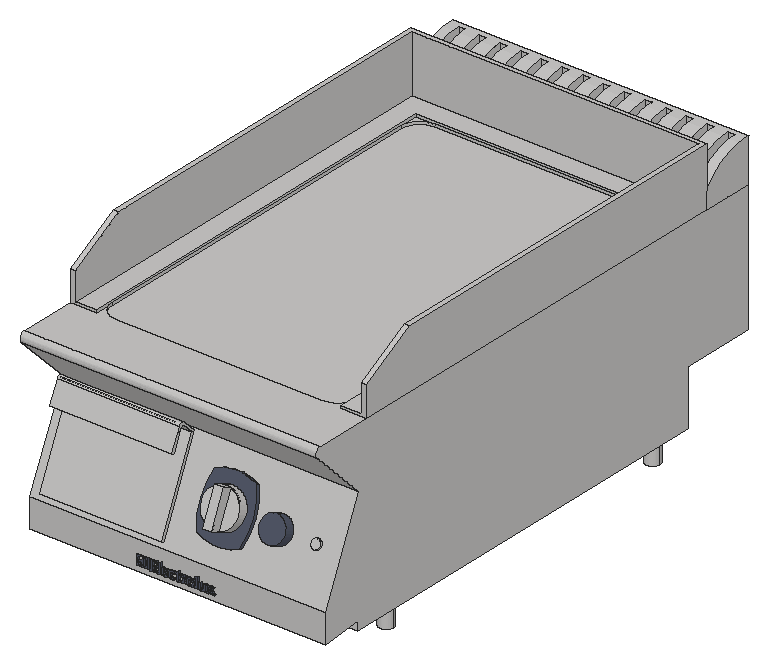
Revit family "QF_ELECTROLUXPROFESSIONAL_371412_E7IILTAOMCI", category Attrezzature speciali, Revit 2018
Family settings
  Quota connettore circolare = Usa diametro
  Tipo di parte = Normale
  Basato su piano di lavoro = No
  Sempre verticale = Sì
  Taglio con vuoti quando caricato = No
  Condiviso = No
  Punto di calcolo locali = No
Parameters (values of type "Standard")
  Weight = 40.00 kg
  Watts = 0 W
  Volts = 0 V
  URL Manufacturer = "https://www.electroluxprofessional.com/"
  URL = "https://www.electroluxprofessional.com/"
  Steam Supply Size = 0"
  Steam Supply Minimum Pressure = 0.00 psi
  Steam Supply Maximum Pressure = 0.00 psi
  Steam Consumption per Hour = 0
  Show Logo [instance] = yes
  Show Clearance [instance] = yes
  Refrigeration Suction Line Size = 0 mm
  Refrigeration Liquid Line Size = 0 mm
  Refrigerant Compressor Remote = yes
  Phase = 0
  Modello = "E7IILTAOMCI"
  Produttore = "Electrolux Professional"
  Length Actual = 400 mm  # constant formula
  Item Number = "371412"
  Hot Water Size = 0"
  Height Actual = 250 mm  # constant formula
  HP = "0 HP"
  Gas Size = 1/2"
  Gas KW = 7
  Gas Input Pressure = 0.234579 Btu/h
  Direct Waste Size = 0"
  Descrizione = "GAS FRY TOP-RIBBED PLATE 400MM-BRUSHED CHROME - QMARK"
  Depth Actual = 730 mm  # constant formula
  Cycle = 0 Hz
  Condensate Return Size = 0"
  Compressed Air Volume = 0 GPM
  Compressed Air Size = 0"
  Compressed Air Pressure = 0.00 psi
  Cold Water Size = 0"
  Base Height [instance] = 23.813 mm  # constant formula
  Assembly Code = ""
  Accessory = yes
Values of the unnamed type that differ from the named types
  Weight = 0.00 kg
  URL Manufacturer = ""
  Item Number = ""
  HP = ""
  Gas KW = 0
  Gas Input Pressure = 0.0 Btu/h
Reference planes
  plane 1 "BACK": y = 0
  plane 2: z = 0
  plane 3 "LEFT": x = 0
  plane 4 "RIGHT": x = 400.05
  plane 5 "FRONT": y = -730.25
  plane 6 "TOP": z = 288.925
  plane 7 "Center Y": x = 200.025
  plane 8 "Center X": y = -365.125
  plane 9 "BASE": z = 23.813
  plane 10 "TOP A": z = 274.638
  plane 11: y = -597.884
  plane 12: y = -147.637
  plane 13: z = 355.005
Forms (mm)
  Extrusion 1, solid, material "QF_Finishes_Stainless Steel"
    sketch origin (0, 0, 0) x (0, 1, 0) y (0, 0, 1)
      loop
        line (0, 274.638) -> (-722.884, 274.638)
        arc (-722.884, 274.638) -> (-729.666, 270.106) -> (-728.075, 262.105) r 7.341
        line (-728.075, 262.105) -> (-657.416, 191.447) -> (-713.772, 69.003) -> (-713.772, 30.903) -> (-660.4, 36.513) -> (-660.4, 23.812) -> (-101.6, 23.812) -> (-101.6, 98.425) -> (0, 98.425) -> (0, 274.638)
    from 0 to 400.05
  Extrusion 2, void
    sketch origin (0, -2.381, 274.638) x (-1, 0, 0) y (0, -1, 0)
      loop
        arc (-60.425, 102.504) -> (-42.464, 109.943) -> (-35.025, 127.904) r 25.4
        line (-35.025, 127.904) -> (-35.025, 617.104)
        arc (-35.025, 617.104) -> (-42.464, 635.064) -> (-60.425, 642.504) r 25.4
        line (-60.425, 642.504) -> (-339.625, 642.504)
        arc (-339.625, 642.504) -> (-357.586, 635.064) -> (-365.025, 617.104) r 25.4
        line (-365.025, 617.104) -> (-365.025, 127.904)
        arc (-365.025, 127.904) -> (-357.586, 109.943) -> (-339.625, 102.504) r 25.4
        line (-339.625, 102.504) -> (-60.425, 102.504)
    from 0 to -3.2
  Extrusion 3, solid, material "QF_Finishes_Stainless Steel"
    sketch origin (0, 0, 0) x (1, 0, 0) y (0, 1, 0)
      loop
        circle (11.112, -147.638) r 9.525
      loop
        circle (11.112, -597.884) r 9.525
      loop
        circle (388.937, -147.638) r 9.525
      loop
        circle (388.937, -597.884) r 9.525
    from 0 to 23.813
  Extrusion 4, solid, material "QF_Finishes_Navy Blue", visible <- "Show Logo"
    sketch origin (-141.676, -713.772, 30.903) x (0, 0, 1) y (-1, 0, 0)
      loop
        line (20.674, -296.698) -> (8.307, -296.698)
        arc (8.307, -296.698) -> (14.491, -301.27) -> (20.674, -296.698) r 6.467
      loop
        arc (20.674, -296.069) -> (19.505, -290.926) -> (14.849, -288.448) r 6.338
        line (14.849, -288.448) -> (14.849, -290.494)
        arc (14.849, -290.494) -> (16.333, -294.149) -> (19.778, -296.069) r 5.941
        line (19.778, -296.069) -> (20.674, -296.069)
      loop
        arc (9.203, -296.069) -> (12.648, -294.149) -> (14.132, -290.494) r 5.941
        line (14.132, -290.494) -> (14.132, -288.448)
        arc (14.132, -288.448) -> (9.438, -290.922) -> (8.148, -296.069) r 6.504
        line (8.148, -296.069) -> (9.203, -296.069)
      loop
        line (21.349, -287.979) -> (7.604, -287.979) -> (7.604, -301.742) -> (21.349, -301.742) -> (21.349, -287.979)
      loop
        arc (21.432, -304.71) -> (21.085, -304.352) -> (20.718, -304.69) r 0.358
        arc (20.718, -304.69) -> (20.404, -305.44) -> (19.687, -305.825) r 1.216
        line (19.687, -305.825) -> (9.274, -305.825)
        arc (9.274, -305.825) -> (8.614, -305.548) -> (8.218, -304.951) r 1.238
        arc (8.218, -304.951) -> (7.823, -304.7) -> (7.518, -305.054) r 0.358
        line (7.518, -305.054) -> (7.518, -314.933) -> (10.269, -314.933) -> (10.269, -314.036)
        arc (10.269, -314.036) -> (9.36, -313.456) -> (8.904, -312.479) r 1.928
        line (8.904, -312.479) -> (8.904, -309.98)
        arc (8.904, -309.98) -> (9.18, -309.251) -> (9.868, -308.887) r 1.101
        line (9.868, -308.887) -> (13.955, -308.887) -> (13.955, -312.561)
        arc (13.955, -312.561) -> (13.602, -313.058) -> (13.037, -313.286) r 1.083
        arc (13.037, -313.286) -> (12.773, -313.591) -> (13.065, -313.869) r 0.292
        line (13.065, -313.869) -> (16.028, -313.869)
        arc (16.028, -313.869) -> (16.33, -313.596) -> (16.092, -313.266) r 0.305
        arc (16.092, -313.266) -> (15.601, -313.018) -> (15.296, -312.561) r 1.083
        line (15.296, -312.561) -> (15.296, -308.887) -> (19.973, -308.887) -> (19.973, -312.635)
        arc (19.973, -312.635) -> (19.759, -313.39) -> (19.153, -313.888) r 1.314
        arc (19.153, -313.888) -> (18.934, -314.292) -> (19.288, -314.585) r 0.361
        line (19.288, -314.585) -> (21.432, -314.585) -> (21.432, -304.71)
      loop
        arc (20.715, -315.365) -> (20.335, -316.284) -> (19.416, -316.664) r 1.299
        line (19.416, -316.664) -> (9.837, -316.664)
        arc (9.837, -316.664) -> (8.999, -316.286) -> (8.728, -315.408) r 1.118
        line (8.728, -315.408) -> (7.518, -315.408) -> (7.518, -320.758) -> (8.706, -320.758)
        arc (8.706, -320.758) -> (8.978, -319.841) -> (9.848, -319.445) r 1.153
        line (9.848, -319.445) -> (21.92, -319.445) -> (20.715, -315.365)
      loop
        line (12.483, -323.394) -> (12.483, -329.842) -> (13.282, -329.842)
        arc (13.282, -329.842) -> (15.862, -328.857) -> (17.131, -326.404) r 3.874
        line (17.131, -326.404) -> (17.131, -324.643)
        arc (17.131, -324.643) -> (15.944, -321.778) -> (13.08, -320.592) r 4.051
        line (13.08, -320.592) -> (11.072, -320.592)
        arc (11.072, -320.592) -> (8.253, -322.077) -> (7.202, -325.084) r 4.352
        arc (7.202, -325.084) -> (7.566, -327.547) -> (8.943, -329.621) r 5.713
        line (8.943, -329.621) -> (9.892, -329.621)
        arc (9.892, -329.621) -> (9.16, -328.052) -> (8.943, -326.334) r 5.579
        arc (8.943, -326.334) -> (9.737, -324.371) -> (11.616, -323.394) r 3.057
        line (11.616, -323.394) -> (12.483, -323.394)
      loop
        line (13.742, -323.394) -> (13.742, -326.977)
        arc (13.742, -326.977) -> (15.199, -327.024) -> (16.082, -325.864) r 1.59
        line (16.082, -325.864) -> (16.082, -325.034)
        arc (16.082, -325.034) -> (15.217, -323.779) -> (13.742, -323.394) r 2.184
      loop
        arc (16.533, -339.259) -> (17.022, -337.585) -> (17.179, -335.848) r 9.023
        line (17.179, -335.848) -> (17.179, -334.486)
        arc (17.179, -334.486) -> (16.02, -331.686) -> (13.22, -330.527) r 3.959
        line (13.22, -330.527) -> (10.62, -330.527)
        arc (10.62, -330.527) -> (8.338, -331.819) -> (7.221, -334.192) r 4.331
        line (7.221, -334.192) -> (7.221, -336.327)
        arc (7.221, -336.327) -> (7.729, -337.877) -> (8.651, -339.223) r 5.772
        arc (8.651, -339.223) -> (9.412, -339.274) -> (9.499, -338.515) r 0.553
        arc (9.499, -338.515) -> (9.111, -337.781) -> (8.977, -336.962) r 2.573
        line (8.977, -336.962) -> (8.977, -335.447)
        arc (8.977, -335.447) -> (9.983, -333.806) -> (11.798, -333.163) r 2.884
        line (11.798, -333.163) -> (13.077, -333.163)
        arc (13.077, -333.163) -> (14.898, -333.723) -> (15.824, -335.388) r 2.554
        line (15.824, -335.388) -> (15.824, -336.441)
        arc (15.824, -336.441) -> (15.493, -337.369) -> (14.836, -338.104) r 2.564
        arc (14.836, -338.104) -> (14.614, -338.821) -> (15.223, -339.259) r 0.643
        line (15.223, -339.259) -> (16.533, -339.259)
      loop
        line (15.515, -339.53) -> (15.515, -341.031) -> (9.467, -341.031)
        arc (9.467, -341.031) -> (7.879, -341.688) -> (7.221, -343.276) r 2.246
        line (7.221, -343.276) -> (7.221, -344.86)
        arc (7.221, -344.86) -> (7.535, -345.725) -> (8.035, -346.496) r 4.06
        arc (8.035, -346.496) -> (8.768, -346.629) -> (9.019, -345.928) r 0.576
        arc (9.019, -345.928) -> (8.913, -345.403) -> (8.977, -344.87) r 1.69
        arc (8.977, -344.87) -> (9.519, -344.082) -> (10.425, -343.779) r 1.506
        line (10.425, -343.779) -> (15.563, -343.779) -> (15.563, -346.176) -> (16.119, -346.733) -> (16.941, -346.733) -> (16.941, -343.873) -> (20.172, -343.873) -> (15.515, -339.53)
      loop
        line (7.438, -347.63) -> (7.438, -353.017) -> (8.548, -353.017)
        arc (8.548, -353.017) -> (8.942, -352.066) -> (9.893, -351.672) r 1.345
        line (9.893, -351.672) -> (13.509, -351.672)
        arc (13.509, -351.672) -> (14.274, -352.264) -> (14.564, -353.186) r 1.615
        line (14.564, -353.186) -> (14.564, -354.742) -> (17.119, -355.427) -> (17.119, -354.044) -> (15.177, -351.485) -> (17.057, -351.485) -> (16.773, -348.779)
        arc (16.773, -348.779) -> (16.333, -348.249) -> (15.674, -348.45) r 0.621
        arc (15.674, -348.45) -> (15.274, -348.792) -> (14.78, -348.975) r 1.501
        line (14.78, -348.975) -> (9.893, -348.975)
        arc (9.893, -348.975) -> (8.942, -348.581) -> (8.548, -347.63) r 1.345
        line (8.548, -347.63) -> (7.438, -347.63)
      loop
        line (13.54, -354.964) -> (10.848, -354.964)
        arc (10.848, -354.964) -> (8.403, -356.272) -> (7.269, -358.803) r 4.288
        arc (7.269, -358.803) -> (7.205, -360.183) -> (7.269, -361.563) r 15.022
        arc (7.269, -361.563) -> (8.403, -364.094) -> (10.848, -365.401) r 4.288
        line (10.848, -365.401) -> (13.54, -365.401)
        arc (13.54, -365.401) -> (15.986, -364.094) -> (17.119, -361.563) r 4.288
        arc (17.119, -361.563) -> (17.183, -360.183) -> (17.119, -358.803) r 15.022
        arc (17.119, -358.803) -> (15.986, -356.272) -> (13.54, -354.964) r 4.288
      loop
        line (13.745, -358.078) -> (10.643, -358.078)
        arc (10.643, -358.078) -> (8.486, -360.235) -> (10.643, -362.392) r 2.157
        line (10.643, -362.392) -> (13.745, -362.392)
        arc (13.745, -362.392) -> (15.902, -360.235) -> (13.745, -358.078) r 2.157
      loop
        arc (20.726, -365.26) -> (20.355, -366.154) -> (19.461, -366.524) r 1.264
        line (19.461, -366.524) -> (9.597, -366.524)
        arc (9.597, -366.524) -> (8.727, -366.127) -> (8.455, -365.211) r 1.153
        line (8.455, -365.211) -> (7.518, -365.211) -> (7.518, -370.319) -> (8.446, -370.319)
        arc (8.446, -370.319) -> (8.805, -369.547) -> (9.597, -369.232) r 1.153
        line (9.597, -369.232) -> (21.92, -369.232) -> (20.726, -365.26)
      loop
        arc (15.846, -369.857) -> (15.647, -370.921) -> (14.678, -371.403) r 1.215
        line (14.678, -371.403) -> (9.658, -371.403)
        arc (9.658, -371.403) -> (8.043, -372.051) -> (7.322, -373.634) r 2.338
        line (7.322, -373.634) -> (7.322, -375.148)
        arc (7.322, -375.148) -> (7.497, -376.152) -> (7.999, -377.038) r 2.979
        line (7.999, -377.038) -> (7.518, -378.835) -> (7.518, -380.524) -> (16.943, -380.524) -> (16.649, -376.32) -> (15.863, -376.32)
        arc (15.863, -376.32) -> (15.507, -377.156) -> (14.755, -377.665) r 1.605
        line (14.755, -377.665) -> (9.652, -377.665)
        arc (9.652, -377.665) -> (9.232, -376.728) -> (9.159, -375.704) r 2.94
        arc (9.159, -375.704) -> (9.72, -374.603) -> (10.873, -374.16) r 1.724
        line (10.873, -374.16) -> (17.07, -374.16) -> (15.846, -369.857)
      loop
        line (16.874, -381.377) -> (15.202, -383.423) -> (12.028, -385.729) -> (8.572, -382.617)
        arc (8.572, -382.617) -> (8.335, -382.223) -> (8.357, -381.764) r 0.789
        line (8.357, -381.764) -> (7.518, -381.764) -> (7.518, -385.309) -> (8.344, -385.309)
        arc (8.344, -385.309) -> (8.686, -384.947) -> (9.176, -385.039) r 0.52
        line (9.176, -385.039) -> (10.976, -386.51) -> (8.858, -387.886)
        arc (8.858, -387.886) -> (8.457, -387.576) -> (8.37, -387.076) r 0.7
        line (8.37, -387.076) -> (7.518, -387.076) -> (7.518, -393.003) -> (8.405, -393.003)
        arc (8.405, -393.003) -> (8.472, -392.344) -> (8.866, -391.813) r 1.247
        line (8.866, -391.813) -> (13.066, -388.532) -> (15.513, -390.585) -> (16.874, -392.327) -> (16.874, -388.604) -> (15.389, -389.026) -> (13.868, -387.749) -> (15.568, -386.559) -> (16.874, -387.336) -> (16.874, -381.377)
    from 0 to 1.644
  Extrusion 5, solid, material "QF_Finishes_Stainless Steel"
    sketch origin (0, -101.6, 101.6) x (0, 0, -1) y (-1, 0, 0)
      loop
        circle (43.882, -347.663) r 6.35
    from 0 to 3.175
  Extrusion 6, solid, material "QF_Finishes_Clearance", visible <- "Show Clearance", detail levels coarse
    sketch origin (0, 0, 0) x (1, 0, 0) y (0, 1, 0)
      loop
        line (0, -730.25) -> (0, 0) -> (400.05, 0) -> (400.05, -730.25) -> (550.069, -730.25) -> (550.069, 150.019) -> (-150.019, 150.019) -> (-150.019, -730.25) -> (0, -730.25)
    from 0 to 355.005
  Extrusion 7, solid, material "QF_Finishes_Stainless Steel"
    sketch origin (0, 0, 0) x (0, 1, 0) y (0, 0, 1)
      loop
        line (-658.831, 188.372) -> (-675.238, 204.778)
        arc (-675.238, 204.778) -> (-679.705, 206.181) -> (-683.409, 203.316) r 5.058
        line (-683.409, 203.316) -> (-696.071, 175.806) -> (-693.187, 174.479) -> (-680.525, 201.989)
        arc (-680.525, 201.989) -> (-679.146, 203.055) -> (-677.483, 202.533) r 1.883
        line (-677.483, 202.533) -> (-662.64, 187.69) -> (-713.474, 77.245) -> (-710.589, 75.918) -> (-658.831, 188.372)
    from 12.7 to 177.8
  Extrusion 8, solid, material "QF_Finishes_Drawer Clearance", visible <- "Show Clearance", detail levels coarse
    sketch origin (0, -101.6, 0) x (0, 1, 0) y (0, 0, 1)
      loop
        line (-660.751, 174.479) -> (-648.089, 201.989)
        arc (-648.089, 201.989) -> (-646.71, 203.055) -> (-645.046, 202.533) r 1.883
        line (-645.046, 202.533) -> (-630.204, 187.69) -> (-681.037, 77.245) -> (-678.153, 75.918) -> (-608.989, 75.918) -> (-557.231, 188.372) -> (-573.638, 204.778)
        arc (-573.638, 204.778) -> (-574.873, 205.685) -> (-576.323, 206.181) r 5.058
        line (-576.323, 206.181) -> (-647.269, 206.181)
        arc (-647.269, 206.181) -> (-649.472, 205.203) -> (-650.973, 203.316) r 5.058
        line (-650.973, 203.316) -> (-663.635, 175.806) -> (-660.751, 174.479)
    from 12.7 to 177.8
  Extrusion 9, solid, material "QF_Finishes_Stainless Steel"
    sketch origin (0, 0, 0) x (0, 1, 0) y (0, 0, 1)
      loop
        line (0, 274.638) -> (0, 333.375)
        arc (0, 333.375) -> (-38.879, 324.991) -> (-69.85, 300.038) r 86.156
        line (-69.85, 300.038) -> (-69.85, 274.638) -> (0, 274.638)
    from 0 to 400.05
  Extrusion 10, void
    sketch origin (0, 0, 274.638) x (-1, 0, 0) y (0, -1, 0)
      loop
        line (-13.453, 6.761) -> (-13.453, 63.911) -> (-22.749, 63.911) -> (-22.749, 6.761) -> (-13.453, 6.761)
    from 25.4 to 63.5
  Extrusion 11, void
    sketch origin (400.05, 0, 274.638) x (1, 0, 0) y (0, 1, 0)
      loop
        line (-13.453, -6.761) -> (-22.749, -6.761) -> (-22.749, -63.911) -> (-13.453, -63.911) -> (-13.453, -6.761)
    from 25.4 to 63.5
  Extrusion 12, void
    sketch origin (27.988, 0, 274.638) x (-1, 0, 0) y (0, -1, 0)
      loop
        line (-13.453, 6.761) -> (-13.453, 63.911) -> (-22.749, 63.911) -> (-22.749, 6.761) -> (-13.453, 6.761)
    from 25.4 to 63.5
  Extrusion 13, void
    sketch origin (55.977, 0, 274.638) x (-1, 0, 0) y (0, -1, 0)
      loop
        line (-13.453, 6.761) -> (-13.453, 63.911) -> (-22.749, 63.911) -> (-22.749, 6.761) -> (-13.453, 6.761)
    from 25.4 to 63.5
  Extrusion 14, void
    sketch origin (83.965, 0, 274.638) x (-1, 0, 0) y (0, -1, 0)
      loop
        line (-13.453, 6.761) -> (-13.453, 63.911) -> (-22.749, 63.911) -> (-22.749, 6.761) -> (-13.453, 6.761)
    from 25.4 to 63.5
  Extrusion 15, void
    sketch origin (111.953, 0, 274.638) x (-1, 0, 0) y (0, -1, 0)
      loop
        line (-13.453, 6.761) -> (-13.453, 63.911) -> (-22.749, 63.911) -> (-22.749, 6.761) -> (-13.453, 6.761)
    from 25.4 to 63.5
  Extrusion 16, void
    sketch origin (139.942, 0, 274.638) x (-1, 0, 0) y (0, -1, 0)
      loop
        line (-13.453, 6.761) -> (-13.453, 63.911) -> (-22.749, 63.911) -> (-22.749, 6.761) -> (-13.453, 6.761)
    from 25.4 to 63.5
  Extrusion 17, void
    sketch origin (167.93, 0, 274.638) x (-1, 0, 0) y (0, -1, 0)
      loop
        line (-13.453, 6.761) -> (-13.453, 63.911) -> (-22.749, 63.911) -> (-22.749, 6.761) -> (-13.453, 6.761)
    from 25.4 to 63.5
  Extrusion 18, void
    sketch origin (195.918, 0, 274.638) x (-1, 0, 0) y (0, -1, 0)
      loop
        line (-13.453, 6.761) -> (-13.453, 63.911) -> (-22.749, 63.911) -> (-22.749, 6.761) -> (-13.453, 6.761)
    from 25.4 to 63.5
  Extrusion 19, void
    sketch origin (223.907, 0, 274.638) x (-1, 0, 0) y (0, -1, 0)
      loop
        line (-13.453, 6.761) -> (-13.453, 63.911) -> (-22.749, 63.911) -> (-22.749, 6.761) -> (-13.453, 6.761)
    from 25.4 to 63.5
  Extrusion 20, void
    sketch origin (251.895, 0, 274.638) x (-1, 0, 0) y (0, -1, 0)
      loop
        line (-13.453, 6.761) -> (-13.453, 63.911) -> (-22.749, 63.911) -> (-22.749, 6.761) -> (-13.453, 6.761)
    from 25.4 to 63.5
  Extrusion 21, void
    sketch origin (279.884, 0, 274.638) x (-1, 0, 0) y (0, -1, 0)
      loop
        line (-13.453, 6.761) -> (-13.453, 63.911) -> (-22.749, 63.911) -> (-22.749, 6.761) -> (-13.453, 6.761)
    from 25.4 to 63.5
  Extrusion 22, void
    sketch origin (307.872, 0, 274.638) x (-1, 0, 0) y (0, -1, 0)
      loop
        line (-13.453, 6.761) -> (-13.453, 63.911) -> (-22.749, 63.911) -> (-22.749, 6.761) -> (-13.453, 6.761)
    from 25.4 to 63.5
  Extrusion 23, void
    sketch origin (335.86, 0, 274.638) x (-1, 0, 0) y (0, -1, 0)
      loop
        line (-13.453, 6.761) -> (-13.453, 63.911) -> (-22.749, 63.911) -> (-22.749, 6.761) -> (-13.453, 6.761)
    from 25.4 to 63.5
  Sweep 24, solid, material "QF_Finishes_Stainless Steel"
    path origin (0, -2.381, 274.638) x (-1, 0, 0) y (0, -1, 0)
      loop
        line (-365.025, 642.504) -> (-365.025, 102.504) -> (-35.025, 102.504) -> (-35.025, 642.504)
    profile origin (35.025, -374.885, 274.638) x (1, 0, 0) y (0, 0, 1)
      loop
        line (-35.025, 0) -> (0, 0) -> (0, 3.175) -> (-28.675, 3.175) -> (-28.675, 80.367) -> (-35.025, 80.367) -> (-35.025, 0)
  Extrusion 25, void
    sketch origin (0, -69.86, 274.638) x (0, 1, 0) y (0, 0, 1)
      loop
        line (-575.025, 40.481) -> (-501.995, 80.367) -> (-575.025, 80.367) -> (-575.025, 40.481)
    from 0 to 6.35
  Extrusion 26, void
    sketch origin (400.05, -644.885, 274.638) x (0, -1, 0) y (0, 0, 1)
      loop
        line (0, 40.481) -> (0, 80.367) -> (-73.03, 80.367) -> (0, 40.481)
    from 0 to 6.35
  Extrusion 27, solid, material "QF_Finishes_Navy Blue"
    sketch origin (85.294, -713.772, 69.003) x (0, 0.418102, 0.9084) y (-1, 0, 0)
      loop
        arc (102.623, -132.62) -> (67.041, -124.996) -> (31.333, -132.003) r 90.5
        arc (31.333, -132.003) -> (24.507, -161.19) -> (31.333, -190.378) r 65.817
        arc (31.333, -190.378) -> (67.04, -197.338) -> (102.623, -189.765) r 91.066
        arc (102.623, -189.765) -> (109.179, -161.193) -> (102.623, -132.62) r 65.546
    from 0 to 3.175
  Extrusion 28, solid, material "QF_Finishes_Stainless Steel"
    sketch origin (85.294, -717.485, 68.529) x (0, 0.418102, 0.9084) y (-1, 0, 0)
      loop
        circle (68.826, -160.963) r 25.4
    from 0 to 12.7
  Extrusion 29, solid, material "QF_Finishes_Stainless Steel"
    sketch origin (85.294, -729.022, 73.839) x (0, 0.418102, 0.9084) y (-1, 0, 0)
      loop
        arc (93.558, -166.749) -> (94.226, -160.963) -> (93.558, -155.177) r 25.4
        line (93.558, -155.177) -> (44.094, -155.177)
        arc (44.094, -155.177) -> (43.426, -160.963) -> (44.094, -166.749) r 25.4
        line (44.094, -166.749) -> (93.558, -166.749)
    from 0 to 12.7
  Extrusion 30, solid, material "QF_Finishes_Navy Blue"
    sketch origin (0, -713.772, 69.003) x (0, 0.418102, 0.9084) y (-1, 0, 0)
      loop
        circle (65.471, -315.169) r 17.78
    from 0 to 12.7
  Extrusion 31, solid, material "QF_Finishes_Stainless Steel"
    sketch origin (0, -713.772, 69.003) x (0, 0.418102, 0.9084) y (-1, 0, 0)
      loop
        circle (65.471, -365.969) r 6.35
    from 0 to 1.588
Cuts and joins
  Extrusion 2 cuts Extrusion 1
  Extrusion 10, Extrusion 11, Extrusion 12, Extrusion 13, Extrusion 14, Extrusion 15, Extrusion 16, Extrusion 17, Extrusion 18, Extrusion 19, Extrusion 20, Extrusion 21, Extrusion 22, Extrusion 23 cuts Extrusion 9
  Extrusion 25, Extrusion 26 cuts Sweep 24
Lines and regions (mm)
  symbolic lines, style "QF-Clearances", visible <- "Show Clearance", detail levels coarse
    curve 1: line (-150.019, 150.019, 274.638) -> (-150.019, -730.25, 274.638)
    curve 2: line (550.069, 150.019, 274.638) -> (-150.019, 150.019, 274.638)
    curve 3: line (550.069, -730.25, 274.638) -> (550.069, 150.019, 274.638)
  symbolic lines
    curve 4: line (0, 0, 274.638) -> (400.05, 0, 274.638)
    curve 5: line (0, -730.25, 274.638) -> (0, 0, 274.638)
    curve 6: line (400.05, 0, 274.638) -> (400.05, -730.25, 274.638)
    curve 7: line (35.025, -130.285, 274.638) -> (35.025, -644.885, 274.638)
    curve 8: arc (35.025, -619.485, 274.638) -> (42.464, -637.445, 274.638) -> (60.425, -644.885, 274.638) r 25.4
    curve 9: line (0, -644.885, 274.638) -> (35.025, -644.885, 274.638)
    curve 10: arc (339.625, -644.885, 274.638) -> (357.586, -637.445, 274.638) -> (365.025, -619.485, 274.638) r 25.4
    curve 11: line (365.025, -644.885, 274.638) -> (365.025, -130.285, 274.638)
    curve 12: line (339.625, -104.885, 274.638) -> (60.425, -104.885, 274.638)
    curve 13: line (0, -69.85, 274.638) -> (400.05, -69.85, 274.638)
    curve 14: line (400.05, -730.25, 274.638) -> (0, -730.25, 274.638)
    curve 15: arc (60.425, -104.885, 274.638) -> (42.464, -112.324, 274.638) -> (35.025, -130.285, 274.638) r 25.4
    curve 16: arc (339.625, -104.885, 274.638) -> (357.586, -112.324, 274.638) -> (365.025, -130.285, 274.638) r 25.4
    curve 17: line (6.35, -76.21, 274.638) -> (6.35, -644.885, 274.638)
    curve 18: line (6.35, -76.21, 274.638) -> (393.7, -76.21, 274.638)
    curve 19: line (393.7, -76.21, 274.638) -> (393.7, -644.885, 274.638)
    curve 20: line (13.453, -6.761, 274.638) -> (22.749, -6.761, 274.638)
    curve 21: line (13.453, -63.911, 274.638) -> (13.453, -6.761, 274.638)
    curve 22: line (22.749, -63.911, 274.638) -> (13.453, -63.911, 274.638)
    curve 23: line (22.749, -6.761, 274.638) -> (22.749, -63.911, 274.638)
    curve 24: line (41.441, -6.761, 274.638) -> (50.737, -6.761, 274.638)
    curve 25: line (41.441, -63.911, 274.638) -> (41.441, -6.761, 274.638)
    curve 26: line (50.737, -63.911, 274.638) -> (41.441, -63.911, 274.638)
    curve 27: line (50.737, -6.761, 274.638) -> (50.737, -63.911, 274.638)
    curve 28: line (69.43, -6.761, 274.638) -> (78.725, -6.761, 274.638)
    curve 29: line (69.43, -63.911, 274.638) -> (69.43, -6.761, 274.638)
    curve 30: line (78.725, -63.911, 274.638) -> (69.43, -63.911, 274.638)
    curve 31: line (78.725, -6.761, 274.638) -> (78.725, -63.911, 274.638)
    curve 32: line (97.418, -6.761, 274.638) -> (106.714, -6.761, 274.638)
    curve 33: line (97.418, -63.911, 274.638) -> (97.418, -6.761, 274.638)
    curve 34: line (106.714, -63.911, 274.638) -> (97.418, -63.911, 274.638)
    curve 35: line (106.714, -6.761, 274.638) -> (106.714, -63.911, 274.638)
    curve 36: line (125.406, -6.761, 274.638) -> (134.702, -6.761, 274.638)
    curve 37: line (125.406, -63.911, 274.638) -> (125.406, -6.761, 274.638)
    curve 38: line (134.702, -63.911, 274.638) -> (125.406, -63.911, 274.638)
    curve 39: line (134.702, -6.761, 274.638) -> (134.702, -63.911, 274.638)
    curve 40: line (153.395, -6.761, 274.638) -> (162.69, -6.761, 274.638)
    curve 41: line (153.395, -63.911, 274.638) -> (153.395, -6.761, 274.638)
    curve 42: line (162.69, -63.911, 274.638) -> (153.395, -63.911, 274.638)
    curve 43: line (162.69, -6.761, 274.638) -> (162.69, -63.911, 274.638)
    curve 44: line (181.383, -6.761, 274.638) -> (190.679, -6.761, 274.638)
    curve 45: line (181.383, -63.911, 274.638) -> (181.383, -6.761, 274.638)
    curve 46: line (190.679, -63.911, 274.638) -> (181.383, -63.911, 274.638)
    curve 47: line (190.679, -6.761, 274.638) -> (190.679, -63.911, 274.638)
    curve 48: line (209.371, -6.761, 274.638) -> (218.667, -6.761, 274.638)
    curve 49: line (209.371, -63.911, 274.638) -> (209.371, -6.761, 274.638)
    curve 50: line (218.667, -63.911, 274.638) -> (209.371, -63.911, 274.638)
    curve 51: line (218.667, -6.761, 274.638) -> (218.667, -63.911, 274.638)
    curve 52: line (237.36, -6.761, 274.638) -> (246.655, -6.761, 274.638)
    curve 53: line (237.36, -63.911, 274.638) -> (237.36, -6.761, 274.638)
    curve 54: line (246.655, -63.911, 274.638) -> (237.36, -63.911, 274.638)
    curve 55: line (246.655, -6.761, 274.638) -> (246.655, -63.911, 274.638)
    curve 56: line (265.348, -6.761, 274.638) -> (274.644, -6.761, 274.638)
    curve 57: line (265.348, -63.911, 274.638) -> (265.348, -6.761, 274.638)
    curve 58: line (274.644, -63.911, 274.638) -> (265.348, -63.911, 274.638)
    curve 59: line (274.644, -6.761, 274.638) -> (274.644, -63.911, 274.638)
    curve 60: line (293.336, -6.761, 274.638) -> (302.632, -6.761, 274.638)
    curve 61: line (293.336, -63.911, 274.638) -> (293.336, -6.761, 274.638)
    curve 62: line (302.632, -63.911, 274.638) -> (293.336, -63.911, 274.638)
    curve 63: line (302.632, -6.761, 274.638) -> (302.632, -63.911, 274.638)
    curve 64: line (321.325, -6.761, 274.638) -> (330.62, -6.761, 274.638)
    curve 65: line (321.325, -63.911, 274.638) -> (321.325, -6.761, 274.638)
    curve 66: line (330.62, -63.911, 274.638) -> (321.325, -63.911, 274.638)
    curve 67: line (330.62, -6.761, 274.638) -> (330.62, -63.911, 274.638)
    curve 68: line (349.313, -6.761, 274.638) -> (358.609, -6.761, 274.638)
    curve 69: line (349.313, -63.911, 274.638) -> (349.313, -6.761, 274.638)
    curve 70: line (358.609, -63.911, 274.638) -> (349.313, -63.911, 274.638)
    curve 71: line (358.609, -6.761, 274.638) -> (358.609, -63.911, 274.638)
    curve 72: line (377.301, -6.761, 274.638) -> (386.597, -6.761, 274.638)
    curve 73: line (377.301, -63.911, 274.638) -> (377.301, -6.761, 274.638)
    curve 74: line (386.597, -63.911, 274.638) -> (377.301, -63.911, 274.638)
    curve 75: line (386.597, -6.761, 274.638) -> (386.597, -63.911, 274.638)
    curve 76: line (365.025, -644.885, 274.638) -> (400.05, -644.885, 274.638)
    curve 77: line (60.425, -644.885, 274.638) -> (339.625, -644.885, 274.638)
  symbolic lines, style "QF_Drawer Clearance"
    curve 78: line (12.7, -782.637, 0) -> (177.8, -782.637, 0)
    curve 79: line (177.8, -782.637, 0) -> (177.8, -730.25, 0)
    curve 80: line (12.7, -782.637, 0) -> (12.7, -730.25, 0)
Dimensions and locks
  equal spacing: plane 3 "LEFT", plane 7 "Center Y", plane 4 "RIGHT"
  plane 3 "LEFT" to plane 4 "RIGHT" = 400.05 mm
  equal spacing: plane 5 "FRONT", plane 8 "Center X", plane 1 "BACK"
  plane 5 "FRONT" to plane 1 "BACK" = 730.25 mm
  plane 1 "BACK" to plane 5 "FRONT" = 730.25 mm
  "Base Height": plane 9 "BASE" to level
  locked: plane 10 "TOP A" to plane 9 "BASE" at 250.825
  plane 4 "RIGHT" to Extrusion 5 sketch curve = 52.388 mm
  Sweep 24 sketch curve to level = 355.005 mm
  plane 10 "TOP A" to plane 9 "BASE" = 250.825 mm
  plane 9 "BASE" to level = 23.813 mm
  plane 9 "BASE" to cut or joined group of Extrusion 1, Extrusion 2 = 74.612 mm
  plane 13 to level = 355.005 mm
  aligned and locked: level to plane 2
  aligned and locked: plane 4 "RIGHT" to Extrusion 1
  aligned and locked: plane 9 "BASE" to Extrusion 3
  aligned: plane 6 "TOP" to Extrusion 6
  aligned and locked: Extrusion 6 to plane 13
Automatic sketch dimensions
  plane 1 "BACK" to Extrusion 14 sketch curve = 6.761 mm
  Extrusion 14 sketch curve to plane 7 "Center Y" = 93.311 mm
  Extrusion 14 sketch curve to Extrusion 14 sketch curve = 9.296 mm
  Extrusion 14 sketch curve to Extrusion 14 sketch curve = 57.15 mm
  plane 1 "BACK" to Extrusion 15 sketch curve = 6.761 mm
  Extrusion 15 sketch curve to plane 7 "Center Y" = 65.323 mm
  Extrusion 15 sketch curve to Extrusion 15 sketch curve = 9.296 mm
  Extrusion 15 sketch curve to Extrusion 15 sketch curve = 57.15 mm
  plane 1 "BACK" to Extrusion 16 sketch curve = 6.761 mm
  Extrusion 16 sketch curve to plane 7 "Center Y" = 37.335 mm
  Extrusion 16 sketch curve to Extrusion 16 sketch curve = 9.296 mm
  Extrusion 16 sketch curve to Extrusion 16 sketch curve = 57.15 mm
  Extrusion 17 sketch curve to plane 7 "Center Y" = 9.346 mm
  Extrusion 17 sketch curve to Extrusion 17 sketch curve = 9.296 mm
  plane 1 "BACK" to Extrusion 17 sketch curve = 6.761 mm
  Extrusion 17 sketch curve to Extrusion 17 sketch curve = 57.15 mm
  plane 1 "BACK" to Extrusion 18 sketch curve = 6.761 mm
  plane 7 "Center Y" to Extrusion 18 sketch curve = 18.642 mm
  Extrusion 18 sketch curve to Extrusion 18 sketch curve = 9.296 mm
  Extrusion 18 sketch curve to Extrusion 18 sketch curve = 57.15 mm
  plane 1 "BACK" to Extrusion 19 sketch curve = 6.761 mm
  plane 7 "Center Y" to Extrusion 19 sketch curve = 46.63 mm
  Extrusion 19 sketch curve to Extrusion 19 sketch curve = 9.296 mm
  Extrusion 19 sketch curve to Extrusion 19 sketch curve = 57.15 mm
  plane 1 "BACK" to Extrusion 20 sketch curve = 6.761 mm
  plane 7 "Center Y" to Extrusion 20 sketch curve = 74.619 mm
  Extrusion 20 sketch curve to Extrusion 20 sketch curve = 9.296 mm
  Extrusion 20 sketch curve to Extrusion 20 sketch curve = 57.15 mm
  Extrusion 2 sketch curve to plane 4 "RIGHT" = 35.025 mm
  Extrusion 2 sketch curve to Extrusion 2 sketch curve = 25.4 mm  (x3)
  Extrusion 2 sketch curve to plane 12 = 17.353 mm
  plane 3 "LEFT" to Extrusion 2 sketch curve = 60.425 mm  (x2)
  plane 11 to Extrusion 2 sketch curve = 21.6 mm
  plane 11 to Extrusion 3 sketch curve = 0 mm  (x2)
  plane 12 to Extrusion 3 sketch curve = 0 mm  (x2)
  plane 3 "LEFT" to Extrusion 3 sketch curve = 11.112 mm  (x2)
  Extrusion 3 sketch curve to plane 4 "RIGHT" = 11.113 mm  (x2)
  Extrusion 4 sketch curve to Extrusion 1 = 2.161 mm
  Extrusion 4 sketch curve to Extrusion 1 = 7.202 mm
  Extrusion 4 sketch curve to Extrusion 1 = 7.221 mm  (x2)
  Extrusion 4 sketch curve to Extrusion 4 sketch curve = 5.108 mm  (x2)
  Extrusion 4 sketch curve to Extrusion 4 sketch curve = 0 mm  (x27)
  Extrusion 4 sketch curve to Extrusion 1 = 7.322 mm
  Extrusion 4 sketch curve to Extrusion 4 sketch curve = 0.218 mm
  Extrusion 4 sketch curve to Extrusion 4 sketch curve = 0.195 mm
  Extrusion 4 sketch curve to Extrusion 4 sketch curve = 0.249 mm
  Extrusion 4 sketch curve to Extrusion 1 = 7.518 mm
  Extrusion 4 sketch curve to Extrusion 4 sketch curve = 0.087 mm
  Extrusion 4 sketch curve to Extrusion 4 sketch curve = 0.358 mm
  Extrusion 4 sketch curve to Extrusion 4 sketch curve = 0.481 mm
  Extrusion 4 sketch curve to Extrusion 4 sketch curve = 0.597 mm
  Extrusion 4 sketch curve to Extrusion 4 sketch curve = 0.544 mm
  Extrusion 4 sketch curve to Extrusion 4 sketch curve = 0.936 mm
  Extrusion 4 sketch curve to Extrusion 4 sketch curve = 0.594 mm
  Extrusion 4 sketch curve to Extrusion 4 sketch curve = 0.343 mm
  Extrusion 4 sketch curve to Extrusion 4 sketch curve = 0.159 mm
  Extrusion 4 sketch curve to Extrusion 4 sketch curve = 0.826 mm
  Extrusion 4 sketch curve to Extrusion 4 sketch curve = 0.839 mm
  Extrusion 4 sketch curve to Extrusion 4 sketch curve = 0.852 mm
  Extrusion 4 sketch curve to Extrusion 4 sketch curve = 0.887 mm
  Extrusion 4 sketch curve to Extrusion 4 sketch curve = 0.928 mm
  Extrusion 4 sketch curve to Extrusion 4 sketch curve = 0.938 mm
  Extrusion 4 sketch curve to Extrusion 4 sketch curve = 0.444 mm
  Extrusion 4 sketch curve to Extrusion 4 sketch curve = 1.11 mm  (x3)
  Extrusion 4 sketch curve to Extrusion 4 sketch curve = 0.215 mm
  Extrusion 4 sketch curve to Extrusion 4 sketch curve = 1.43 mm
  Extrusion 4 sketch curve to Extrusion 4 sketch curve = 1.188 mm
  Extrusion 4 sketch curve to Extrusion 4 sketch curve = 1.21 mm  (x2)
  Extrusion 4 sketch curve to Extrusion 4 sketch curve = 0.503 mm
  Extrusion 4 sketch curve to Extrusion 4 sketch curve = 0.488 mm
  Extrusion 4 sketch curve to Extrusion 4 sketch curve = 0.462 mm
  Extrusion 4 sketch curve to Extrusion 4 sketch curve = 1.386 mm
  Extrusion 4 sketch curve to Extrusion 4 sketch curve = 1.742 mm  (x2)
  Extrusion 4 sketch curve to Extrusion 4 sketch curve = 0.821 mm
  Extrusion 4 sketch curve to Extrusion 4 sketch curve = 0.497 mm
  Extrusion 4 sketch curve to Extrusion 4 sketch curve = 0.539 mm
  Extrusion 4 sketch curve to Extrusion 4 sketch curve = 0.686 mm
  Extrusion 4 sketch curve to Extrusion 4 sketch curve = 0.408 mm
  Extrusion 4 sketch curve to Extrusion 4 sketch curve = 0.743 mm
  Extrusion 4 sketch curve to Extrusion 4 sketch curve = 1.16 mm
  Extrusion 4 sketch curve to Extrusion 4 sketch curve = 0.329 mm
  Extrusion 4 sketch curve to Extrusion 4 sketch curve = 1.054 mm
  Extrusion 4 sketch curve to Extrusion 4 sketch curve = 1.056 mm
  Extrusion 4 sketch curve to Extrusion 4 sketch curve = 0.129 mm
  Extrusion 4 sketch curve to Extrusion 4 sketch curve = 0.489 mm
  Extrusion 4 sketch curve to Extrusion 4 sketch curve = 0.441 mm
  Extrusion 4 sketch curve to Extrusion 4 sketch curve = 1.151 mm
  Extrusion 4 sketch curve to Extrusion 4 sketch curve = 1.141 mm  (x2)
  Extrusion 4 sketch curve to Extrusion 4 sketch curve = 0.768 mm
  Extrusion 4 sketch curve to Extrusion 4 sketch curve = 1.653 mm
  Extrusion 4 sketch curve to Extrusion 4 sketch curve = 0.499 mm
  Extrusion 4 sketch curve to Extrusion 4 sketch curve = 0.964 mm
  Extrusion 4 sketch curve to Extrusion 4 sketch curve = 0.949 mm
  Extrusion 4 sketch curve to Extrusion 4 sketch curve = 1.345 mm  (x3)
  Extrusion 4 sketch curve to Extrusion 4 sketch curve = 1.101 mm
  Extrusion 4 sketch curve to Extrusion 4 sketch curve = 0.432 mm
  Extrusion 4 sketch curve to Extrusion 4 sketch curve = 1.142 mm
  Extrusion 4 sketch curve to Extrusion 4 sketch curve = 0.959 mm
  Extrusion 4 sketch curve to Extrusion 4 sketch curve = 0.176 mm
  Extrusion 4 sketch curve to Extrusion 4 sketch curve = 0.728 mm
  Extrusion 4 sketch curve to Extrusion 4 sketch curve = 3.375 mm  (x2)
  Extrusion 4 sketch curve to Extrusion 4 sketch curve = 0.541 mm
  Extrusion 4 sketch curve to Extrusion 4 sketch curve = 0.955 mm
  Extrusion 4 sketch curve to Extrusion 4 sketch curve = 1.251 mm
  Extrusion 4 sketch curve to Extrusion 4 sketch curve = 0.572 mm
  Extrusion 4 sketch curve to Extrusion 4 sketch curve = 1.92 mm
  Extrusion 4 sketch curve to Extrusion 4 sketch curve = 1.224 mm
  Extrusion 4 sketch curve to Extrusion 4 sketch curve = 0.745 mm
  Extrusion 4 sketch curve to Extrusion 4 sketch curve = 2.537 mm
  Extrusion 4 sketch curve to Extrusion 4 sketch curve = 0.896 mm  (x3)
  Extrusion 4 sketch curve to Extrusion 4 sketch curve = 0.036 mm
  Extrusion 4 sketch curve to Extrusion 4 sketch curve = 2.607 mm
  Extrusion 4 sketch curve to Extrusion 4 sketch curve = 0.066 mm
  Extrusion 4 sketch curve to Extrusion 4 sketch curve = 0.248 mm
  Extrusion 4 sketch curve to Extrusion 4 sketch curve = 0.449 mm
  Extrusion 4 sketch curve to Extrusion 4 sketch curve = 1.052 mm
  Extrusion 4 sketch curve to Extrusion 4 sketch curve = 1.863 mm
  Extrusion 4 sketch curve to Extrusion 4 sketch curve = 1.31 mm  (x2)
  Extrusion 4 sketch curve to Extrusion 4 sketch curve = 0.901 mm
  Extrusion 4 sketch curve to Extrusion 4 sketch curve = 1.107 mm
  Extrusion 4 sketch curve to Extrusion 4 sketch curve = 2.122 mm
  Extrusion 4 sketch curve to Extrusion 4 sketch curve = 2.101 mm
  Extrusion 4 sketch curve to Extrusion 4 sketch curve = 0.106 mm
  Extrusion 4 sketch curve to Extrusion 4 sketch curve = 0.029 mm
  Extrusion 4 sketch curve to Extrusion 4 sketch curve = 2.09 mm
  Extrusion 4 sketch curve to Extrusion 4 sketch curve = 1.279 mm
  Extrusion 4 sketch curve to Extrusion 4 sketch curve = 2.008 mm
  Extrusion 4 sketch curve to Extrusion 4 sketch curve = 0.738 mm
  Extrusion 4 sketch curve to Extrusion 4 sketch curve = 0.382 mm
  Extrusion 4 sketch curve to Extrusion 4 sketch curve = 0.384 mm
  Extrusion 4 sketch curve to Extrusion 4 sketch curve = 0.002 mm
  Extrusion 4 sketch curve to Extrusion 4 sketch curve = 0.561 mm
  Extrusion 4 sketch curve to Extrusion 4 sketch curve = 0.592 mm
  Extrusion 4 sketch curve to Extrusion 4 sketch curve = 2.692 mm
  Extrusion 4 sketch curve to Extrusion 4 sketch curve = 1.259 mm
  Extrusion 4 sketch curve to Extrusion 4 sketch curve = 0.802 mm
  Extrusion 4 sketch curve to Extrusion 4 sketch curve = 1.024 mm
  Extrusion 4 sketch curve to Extrusion 4 sketch curve = 0.682 mm
  Extrusion 4 sketch curve to Extrusion 4 sketch curve = 5.934 mm
  Extrusion 4 sketch curve to Extrusion 4 sketch curve = 2.186 mm
  Extrusion 4 sketch curve to Extrusion 4 sketch curve = 0.337 mm
  Extrusion 4 sketch curve to Extrusion 4 sketch curve = 0.021 mm
  Extrusion 4 sketch curve to Extrusion 4 sketch curve = 1.005 mm
  Extrusion 4 sketch curve to Extrusion 4 sketch curve = 0.552 mm
  Extrusion 4 sketch curve to Extrusion 4 sketch curve = 0.778 mm
  Extrusion 4 sketch curve to Extrusion 4 sketch curve = 0.063 mm
  Extrusion 4 sketch curve to Extrusion 4 sketch curve = 1.023 mm
  Extrusion 4 sketch curve to Extrusion 4 sketch curve = 3.804 mm
  Extrusion 4 sketch curve to Extrusion 4 sketch curve = 0.486 mm
  Extrusion 4 sketch curve to Extrusion 4 sketch curve = 0.266 mm
  Extrusion 4 sketch curve to Extrusion 4 sketch curve = 1.547 mm
  Extrusion 4 sketch curve to Extrusion 4 sketch curve = 0.717 mm  (x2)
  Extrusion 4 sketch curve to Extrusion 4 sketch curve = 1.667 mm
  Extrusion 4 sketch curve to Extrusion 4 sketch curve = 3.174 mm
  Extrusion 4 sketch curve to Extrusion 4 sketch curve = 0.388 mm
  Extrusion 4 sketch curve to Extrusion 4 sketch curve = 1.342 mm
  Extrusion 4 sketch curve to Extrusion 4 sketch curve = 1.521 mm
  Extrusion 4 sketch curve to Extrusion 4 sketch curve = 0.124 mm
  Extrusion 4 sketch curve to Extrusion 4 sketch curve = 0.291 mm
  Extrusion 4 sketch curve to Extrusion 4 sketch curve = 1.049 mm  (x2)
  Extrusion 4 sketch curve to Extrusion 4 sketch curve = 1.7 mm
  Extrusion 4 sketch curve to Extrusion 4 sketch curve = 0.894 mm
  Extrusion 4 sketch curve to Extrusion 4 sketch curve = 0.989 mm
  Extrusion 4 sketch curve to Extrusion 4 sketch curve = 1.168 mm
  Extrusion 4 sketch curve to Extrusion 4 sketch curve = 1.594 mm
  Extrusion 4 sketch curve to Extrusion 4 sketch curve = 0.731 mm
  Extrusion 4 sketch curve to Extrusion 4 sketch curve = 1.566 mm
  Extrusion 4 sketch curve to Extrusion 4 sketch curve = 0.064 mm
  Extrusion 4 sketch curve to Extrusion 4 sketch curve = 0.556 mm  (x2)
  Extrusion 4 sketch curve to Extrusion 4 sketch curve = 0.48 mm
  Extrusion 4 sketch curve to Extrusion 4 sketch curve = 0.228 mm
  Extrusion 4 sketch curve to Extrusion 4 sketch curve = 1.018 mm
  Extrusion 4 sketch curve to Extrusion 4 sketch curve = 0.787 mm
  Extrusion 4 sketch curve to Extrusion 4 sketch curve = 0.618 mm
  Extrusion 4 sketch curve to Extrusion 4 sketch curve = 1.672 mm
  Extrusion 1 to Extrusion 4 sketch curve = 149.399 mm
  Extrusion 4 sketch curve to Extrusion 4 sketch curve = 1.361 mm
  Extrusion 4 sketch curve to Extrusion 4 sketch curve = 0.822 mm
  Extrusion 4 sketch curve to Extrusion 4 sketch curve = 0.069 mm
  Extrusion 4 sketch curve to Extrusion 4 sketch curve = 1.88 mm
  Extrusion 4 sketch curve to Extrusion 4 sketch curve = 0.42 mm
  Extrusion 4 sketch curve to Extrusion 4 sketch curve = 0.062 mm
  Extrusion 4 sketch curve to Extrusion 4 sketch curve = 1.355 mm
  Extrusion 4 sketch curve to Extrusion 4 sketch curve = 2.34 mm
  Extrusion 4 sketch curve to Extrusion 4 sketch curve = 0.493 mm
  Extrusion 4 sketch curve to Extrusion 4 sketch curve = 0.136 mm
  Extrusion 4 sketch curve to Extrusion 4 sketch curve = 0.128 mm
  Extrusion 4 sketch curve to Extrusion 4 sketch curve = 3.616 mm
  Extrusion 4 sketch curve to Extrusion 4 sketch curve = 4.207 mm
  Extrusion 4 sketch curve to Extrusion 4 sketch curve = 0.183 mm
  Extrusion 4 sketch curve to Extrusion 4 sketch curve = 0.895 mm
  Extrusion 4 sketch curve to Extrusion 4 sketch curve = 1.314 mm
  Extrusion 4 sketch curve to Extrusion 4 sketch curve = 3.231 mm
  Extrusion 4 sketch curve to Extrusion 4 sketch curve = 1.299 mm
  Extrusion 4 sketch curve to Extrusion 4 sketch curve = 1.214 mm
  Extrusion 4 sketch curve to Extrusion 4 sketch curve = 1.264 mm
  Extrusion 4 sketch curve to Extrusion 4 sketch curve = 0.109 mm
  Extrusion 4 sketch curve to Extrusion 4 sketch curve = 0.357 mm
  Extrusion 4 sketch curve to Extrusion 4 sketch curve = 0.565 mm
  Extrusion 4 sketch curve to Extrusion 4 sketch curve = 2.504 mm
  Extrusion 4 sketch curve to Extrusion 4 sketch curve = 2.459 mm
  Extrusion 1 to Extrusion 4 sketch curve = 148.931 mm
  Extrusion 4 sketch curve to Extrusion 4 sketch curve = 0.208 mm
  Extrusion 4 sketch curve to Extrusion 4 sketch curve = 1.559 mm
  Extrusion 4 sketch curve to Extrusion 4 sketch curve = 0.422 mm  (x2)
  Extrusion 4 sketch curve to Extrusion 4 sketch curve = 0.494 mm
  Extrusion 4 sketch curve to Extrusion 4 sketch curve = 3.927 mm
  Extrusion 4 sketch curve to Extrusion 4 sketch curve = 0.782 mm
  Extrusion 4 sketch curve to Extrusion 4 sketch curve = 1.268 mm
  Extrusion 4 sketch curve to Extrusion 4 sketch curve = 0.671 mm
  Extrusion 4 sketch curve to Extrusion 4 sketch curve = 0.777 mm
  Extrusion 4 sketch curve to Extrusion 4 sketch curve = 0.704 mm
  Extrusion 4 sketch curve to Extrusion 4 sketch curve = 0.781 mm  (x2)
  Extrusion 4 sketch curve to Extrusion 4 sketch curve = 1.634 mm
  Extrusion 4 sketch curve to Extrusion 4 sketch curve = 0.132 mm
  Extrusion 4 sketch curve to Extrusion 4 sketch curve = 3.136 mm
  Extrusion 4 sketch curve to Extrusion 4 sketch curve = 2.422 mm
  Extrusion 4 sketch curve to Extrusion 4 sketch curve = 0.586 mm
  Extrusion 4 sketch curve to Extrusion 4 sketch curve = 2.046 mm  (x2)
  Extrusion 4 sketch curve to Extrusion 4 sketch curve = 1.241 mm
  Extrusion 4 sketch curve to Extrusion 4 sketch curve = 1.689 mm
  Extrusion 4 sketch curve to Extrusion 4 sketch curve = 2.859 mm
  Extrusion 4 sketch curve to Extrusion 4 sketch curve = 0.627 mm
  Extrusion 4 sketch curve to Extrusion 4 sketch curve = 0.863 mm
  Extrusion 4 sketch curve to Extrusion 4 sketch curve = 0.419 mm
  Extrusion 4 sketch curve to Extrusion 4 sketch curve = 1.514 mm
  Extrusion 4 sketch curve to Extrusion 4 sketch curve = 1.019 mm
  Extrusion 4 sketch curve to Extrusion 4 sketch curve = 0.065 mm
  Extrusion 4 sketch curve to Extrusion 4 sketch curve = 1.215 mm
  Extrusion 4 sketch curve to Extrusion 4 sketch curve = 2.708 mm
  Extrusion 4 sketch curve to Extrusion 4 sketch curve = 1.122 mm
  Extrusion 4 sketch curve to Extrusion 4 sketch curve = 1.153 mm
  Extrusion 4 sketch curve to Extrusion 4 sketch curve = 3.009 mm
  Extrusion 4 sketch curve to Extrusion 4 sketch curve = 0.829 mm  (x2)
  Extrusion 4 sketch curve to Extrusion 4 sketch curve = 0.934 mm
  Extrusion 4 sketch curve to Extrusion 4 sketch curve = 3.376 mm
  Extrusion 4 sketch curve to Extrusion 4 sketch curve = 0.222 mm
  Extrusion 4 sketch curve to Extrusion 4 sketch curve = 1.383 mm
  Extrusion 4 sketch curve to Extrusion 4 sketch curve = 1.556 mm
  Extrusion 4 sketch curve to Extrusion 4 sketch curve = 2.559 mm
  Extrusion 4 sketch curve to Extrusion 4 sketch curve = 2.51 mm
  Extrusion 4 sketch curve to Extrusion 4 sketch curve = 0.131 mm
  Extrusion 4 sketch curve to Extrusion 4 sketch curve = 1.717 mm
  Extrusion 4 sketch curve to Extrusion 4 sketch curve = 1.134 mm
  Extrusion 4 sketch curve to Extrusion 4 sketch curve = 0.366 mm
  Extrusion 4 sketch curve to Extrusion 4 sketch curve = 0.094 mm
  Extrusion 4 sketch curve to Extrusion 4 sketch curve = 1.584 mm
  Extrusion 4 sketch curve to Extrusion 4 sketch curve = 1.501 mm
  Extrusion 4 sketch curve to Extrusion 4 sketch curve = 0.27 mm
  Extrusion 4 sketch curve to Extrusion 4 sketch curve = 1.808 mm
  Extrusion 4 sketch curve to Extrusion 4 sketch curve = 0.643 mm
  Extrusion 4 sketch curve to Extrusion 4 sketch curve = 0.916 mm
  Extrusion 4 sketch curve to Extrusion 4 sketch curve = 0.352 mm
  Extrusion 4 sketch curve to Extrusion 4 sketch curve = 0.458 mm
  Extrusion 4 sketch curve to Extrusion 4 sketch curve = 1.282 mm
  Extrusion 4 sketch curve to Extrusion 4 sketch curve = 1.363 mm
  Extrusion 4 sketch curve to Extrusion 4 sketch curve = 0.685 mm
  Extrusion 4 sketch curve to Extrusion 4 sketch curve = 0.905 mm
  Extrusion 4 sketch curve to Extrusion 4 sketch curve = 2.865 mm
  Extrusion 4 sketch curve to Extrusion 4 sketch curve = 0.472 mm
  Extrusion 4 sketch curve to Extrusion 4 sketch curve = 0.101 mm
  Extrusion 4 sketch curve to Extrusion 4 sketch curve = 0.54 mm
  Extrusion 4 sketch curve to Extrusion 4 sketch curve = 0.02 mm
  Extrusion 4 sketch curve to Extrusion 4 sketch curve = 0.468 mm
  Extrusion 4 sketch curve to Extrusion 4 sketch curve = 0.582 mm
  Extrusion 4 sketch curve to Extrusion 4 sketch curve = 0.166 mm
  Extrusion 4 sketch curve to Extrusion 4 sketch curve = 0.16 mm
  Extrusion 4 sketch curve to Extrusion 4 sketch curve = 2.781 mm
  Extrusion 4 sketch curve to Extrusion 4 sketch curve = 1.118 mm
  Extrusion 4 sketch curve to Extrusion 4 sketch curve = 0.613 mm
  Extrusion 4 sketch curve to Extrusion 4 sketch curve = 0.361 mm
  Extrusion 4 sketch curve to Extrusion 4 sketch curve = 0.897 mm
  Extrusion 4 sketch curve to Extrusion 4 sketch curve = 0.167 mm
  Extrusion 4 sketch curve to Extrusion 4 sketch curve = 0.292 mm
  Extrusion 4 sketch curve to Extrusion 4 sketch curve = 0.305 mm
  Extrusion 4 sketch curve to Extrusion 4 sketch curve = 1.557 mm
  Extrusion 4 sketch curve to Extrusion 4 sketch curve = 2.499 mm
  Extrusion 4 sketch curve to Extrusion 4 sketch curve = 3.062 mm
  Extrusion 4 sketch curve to Extrusion 4 sketch curve = 2.968 mm
  Extrusion 4 sketch curve to Extrusion 4 sketch curve = 5.044 mm
  Extrusion 4 sketch curve to Extrusion 4 sketch curve = 0.629 mm  (x2)
  Extrusion 4 sketch curve to Extrusion 4 sketch curve = 1.131 mm
  Extrusion 4 sketch curve to Extrusion 4 sketch curve = 0.137 mm
  Extrusion 4 sketch curve to Extrusion 4 sketch curve = 0.027 mm
  Extrusion 4 sketch curve to Extrusion 4 sketch curve = 2.235 mm
  Extrusion 1 to Extrusion 5 sketch curve = 33.906 mm
  plane 1 "BACK" to Extrusion 6 sketch curve = 0 mm
  Extrusion 6 sketch curve to plane 3 "LEFT" = 0 mm
  Extrusion 6 sketch curve to plane 4 "RIGHT" = 0 mm
  Extrusion 6 sketch curve to plane 3 "LEFT" = 150.019 mm
  plane 5 "FRONT" to Extrusion 6 sketch curve = 0 mm  (x2)
  plane 4 "RIGHT" to Extrusion 6 sketch curve = 150.019 mm
  Extrusion 6 sketch curve to plane 1 "BACK" = 150.019 mm
  curve 14 to plane 4 "RIGHT" = 0 mm
  curve 14 to plane 3 "LEFT" = 0 mm
  plane 1 "BACK" to curve 5 = 0 mm
  plane 4 "RIGHT" to curve 3 = 150.019 mm
  curve 19 to plane 4 "RIGHT" = 6.35 mm
  curve 75 to plane 4 "RIGHT" = 13.453 mm
  curve 74 to curve 74 = 9.296 mm
  curve 16 to plane 4 "RIGHT" = 35.025 mm
  plane 1 "BACK" to curve 71 = 6.761 mm
  curve 72 to curve 71 = 18.693 mm
  curve 68 to curve 69 = 9.296 mm
  curve 16 to curve 16 = 25.4 mm
  curve 69 to curve 67 = 18.693 mm
  curve 64 to curve 64 = 9.296 mm
  curve 65 to curve 63 = 18.693 mm
  curve 62 to curve 62 = 9.296 mm
  curve 61 to curve 59 = 18.693 mm
  curve 56 to curve 57 = 9.296 mm
  plane 1 "BACK" to curve 52 = 6.761 mm
  curve 56 to curve 52 = 18.693 mm
  curve 54 to curve 54 = 9.296 mm
  plane 1 "BACK" to curve 51 = 6.761 mm
  plane 7 "Center Y" to curve 51 = 18.642 mm
  curve 50 to curve 50 = 9.296 mm
  curve 47 to plane 7 "Center Y" = 9.346 mm
  curve 44 to curve 45 = 9.296 mm
  plane 1 "BACK" to curve 40 = 6.761 mm
  curve 44 to curve 40 = 18.693 mm
  curve 40 to curve 41 = 9.296 mm
  curve 41 to curve 39 = 18.693 mm
  curve 38 to curve 37 = 9.296 mm
  curve 37 to curve 34 = 18.693 mm
  curve 32 to curve 33 = 9.296 mm
  curve 33 to curve 31 = 18.693 mm
  curve 30 to curve 29 = 9.296 mm
  curve 15 to plane 12 = 17.353 mm
  plane 3 "LEFT" to curve 15 = 60.425 mm
  curve 29 to curve 26 = 18.693 mm
  curve 26 to curve 26 = 9.296 mm
  plane 1 "BACK" to curve 20 = 6.761 mm
  curve 24 to curve 20 = 18.693 mm
  curve 20 to curve 21 = 9.296 mm
  plane 3 "LEFT" to curve 17 = 6.35 mm
  plane 5 "FRONT" to curve 1 = 0 mm
  curve 1 to plane 3 "LEFT" = 150.019 mm
  curve 2 to plane 1 "BACK" = 150.019 mm
  plane 1 "BACK" to curve 72 = 6.761 mm
  plane 1 "BACK" to curve 67 = 6.761 mm
  plane 1 "BACK" to curve 63 = 6.761 mm
  plane 1 "BACK" to curve 59 = 6.761 mm
  plane 1 "BACK" to curve 47 = 6.761 mm
  plane 1 "BACK" to curve 39 = 6.761 mm
  plane 1 "BACK" to curve 35 = 6.761 mm
  plane 1 "BACK" to curve 31 = 6.761 mm
  plane 1 "BACK" to curve 24 = 6.761 mm
  curve 26 to curve 15 = 40.974 mm
  curve 23 to curve 25 = 0 mm
  curve 26 to curve 29 = 0 mm
  curve 74 to curve 12 = 40.974 mm
  curve 30 to curve 33 = 0 mm
  curve 71 to curve 73 = 0 mm
  curve 34 to curve 37 = 0 mm
  curve 67 to curve 69 = 0 mm
  curve 38 to curve 41 = 0 mm
  curve 63 to curve 65 = 0 mm
  curve 42 to curve 45 = 0 mm
  curve 59 to curve 61 = 0 mm
  curve 46 to curve 49 = 0 mm
  curve 55 to curve 57 = 0 mm
  curve 74 to curve 13 = 5.939 mm
  curve 13 to curve 18 = 6.36 mm
  plane 11 to curve 10 = 21.6 mm
  plane 5 "FRONT" to curve 3 = 0 mm
  Extrusion 7 sketch curve to Extrusion 7 sketch curve = 0 mm  (x2)
  Extrusion 7 sketch curve to plane 5 "FRONT" = 16.776 mm
  Extrusion 7 sketch curve to Extrusion 7 sketch curve = 2.884 mm  (x3)
  Extrusion 7 sketch curve to plane 5 "FRONT" = 34.179 mm
  Extrusion 7 sketch curve to Extrusion 7 sketch curve = 12.662 mm
  Extrusion 7 sketch curve to Extrusion 7 sketch curve = 1.711 mm
  Extrusion 7 sketch curve to Extrusion 7 sketch curve = 1.332 mm
  Extrusion 7 sketch curve to Extrusion 7 sketch curve = 2.245 mm
  Extrusion 7 sketch curve to Extrusion 7 sketch curve = 14.843 mm
  Extrusion 7 sketch curve to Extrusion 7 sketch curve = 3.809 mm
  plane 9 "BASE" to Extrusion 7 sketch curve = 52.105 mm
  Extrusion 7 sketch curve to Extrusion 7 sketch curve = 1.327 mm  (x2)
  Extrusion 7 sketch curve to Extrusion 7 sketch curve = 13.211 mm
  Extrusion 7 sketch curve to Extrusion 7 sketch curve = 0.787 mm
  Extrusion 8 sketch curve to Extrusion 8 sketch curve = 0 mm  (x2)
  plane 5 "FRONT" to Extrusion 8 sketch curve = 52.387 mm
  Extrusion 8 sketch curve to Extrusion 8 sketch curve = 2.884 mm  (x3)
  plane 5 "FRONT" to Extrusion 8 sketch curve = 34.985 mm
  plane 5 "FRONT" to Extrusion 8 sketch curve = 22.323 mm
  Extrusion 8 sketch curve to Extrusion 8 sketch curve = 0.82 mm
  Extrusion 8 sketch curve to Extrusion 8 sketch curve = 1.711 mm
  Extrusion 8 sketch curve to Extrusion 8 sketch curve = 1.332 mm
  plane 5 "FRONT" to Extrusion 8 sketch curve = 1.554 mm
  Extrusion 8 sketch curve to plane 5 "FRONT" = 19.661 mm
  Extrusion 8 sketch curve to plane 5 "FRONT" = 51.436 mm
  Extrusion 8 sketch curve to Extrusion 8 sketch curve = 0.891 mm
  Extrusion 8 sketch curve to Extrusion 8 sketch curve = 2.686 mm
  Extrusion 8 sketch curve to Extrusion 8 sketch curve = 16.406 mm
  plane 9 "BASE" to Extrusion 8 sketch curve = 52.105 mm
  Extrusion 8 sketch curve to Extrusion 8 sketch curve = 1.327 mm  (x2)
  Extrusion 8 sketch curve to Extrusion 8 sketch curve = 13.211 mm
  Extrusion 8 sketch curve to Extrusion 8 sketch curve = 0.681 mm
  Extrusion 8 sketch curve to Extrusion 8 sketch curve = 0.787 mm
  Extrusion 8 sketch curve to Extrusion 8 sketch curve = 4.979 mm
  Extrusion 9 sketch curve to plane 10 "TOP A" = 0 mm
  Extrusion 9 sketch curve to plane 1 "BACK" = 0 mm
  plane 1 "BACK" to Extrusion 9 sketch curve = 1.769 mm
  plane 6 "TOP" to Extrusion 9 sketch curve = 11.113 mm
  plane 1 "BACK" to Extrusion 9 sketch curve = 69.85 mm
  Extrusion 9 sketch curve to plane 10 "TOP A" = 27.4 mm
  plane 1 "BACK" to Extrusion 10 sketch curve = 6.761 mm
  plane 3 "LEFT" to Extrusion 10 sketch curve = 22.749 mm
  Extrusion 10 sketch curve to Extrusion 10 sketch curve = 9.296 mm
  Extrusion 10 sketch curve to Extrusion 10 sketch curve = 57.15 mm
  Extrusion 11 sketch curve to plane 1 "BACK" = 6.761 mm
  plane 4 "RIGHT" to Extrusion 11 sketch curve = 22.749 mm
  Extrusion 11 sketch curve to Extrusion 11 sketch curve = 9.296 mm
  Extrusion 11 sketch curve to Extrusion 11 sketch curve = 57.15 mm
  plane 1 "BACK" to Extrusion 12 sketch curve = 6.761 mm
  plane 3 "LEFT" to Extrusion 12 sketch curve = 50.737 mm
  Extrusion 12 sketch curve to Extrusion 12 sketch curve = 9.296 mm
  Extrusion 12 sketch curve to Extrusion 12 sketch curve = 57.15 mm
  plane 1 "BACK" to Extrusion 13 sketch curve = 6.761 mm
  plane 3 "LEFT" to Extrusion 13 sketch curve = 78.725 mm
  Extrusion 13 sketch curve to Extrusion 13 sketch curve = 9.296 mm
  Extrusion 13 sketch curve to Extrusion 13 sketch curve = 57.15 mm
  plane 1 "BACK" to Extrusion 21 sketch curve = 6.761 mm
  Extrusion 21 sketch curve to plane 4 "RIGHT" = 97.418 mm
  Extrusion 21 sketch curve to Extrusion 21 sketch curve = 9.296 mm
  Extrusion 21 sketch curve to Extrusion 21 sketch curve = 57.15 mm
  plane 1 "BACK" to Extrusion 22 sketch curve = 6.761 mm
  Extrusion 22 sketch curve to plane 4 "RIGHT" = 69.43 mm
  Extrusion 22 sketch curve to Extrusion 22 sketch curve = 9.296 mm
  Extrusion 22 sketch curve to Extrusion 22 sketch curve = 57.15 mm
